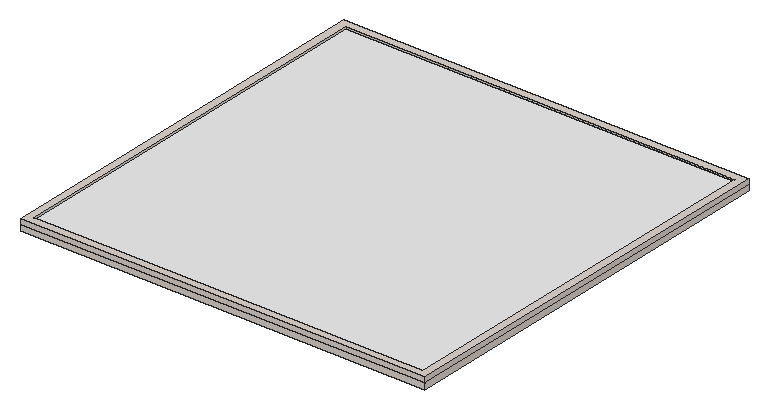
Revit family "SKY LED FLAT PANEL", category Lighting Fixtures, host Face, Revit 2020 (continued)
Types (13): name | Wattage | WATTS | built-in parameter 1150134 | Replaces/Equiv.(MH) | Photometric Web File | Order number | built-in parameter 1150142 | Model | built-in parameter 1150105 | Lumens | built-in parameter 1150107 | built-in parameter 1150106 | Fixture Width | Fixture Length | Default Elevation | Apparent Load
  SFLP24D3840 | 24.9088 W | 38 W | 12 | "2 x 32W FL" | "SFLP24D3840.IES" | "14221K" | "IESNA:LM-63-2002\r\n[TEST] \r\n[TESTLAB] EVERFINE\r\n[TESTDATE] 2018-08-07\r\n[ISSUEDATE] 2019-05-15 15:13:05\r\n[NEARFIELD] \r\n[LAMPPOSITION] 0,0\r\n[OTHER] EVERFINE GO-2000B_V1 SYSTEM\r\n[MANUFAC] Above All Lighting\r\n[LUMINAIRE] FLB 2002/1000WHQI\r\n[LAMP] 11807-SFLP24D3840\r\n[OTHER] \r\n[OTHER] Gamma(deg)    Fz(lm)      Ft(lm)     %Lum    %Lamp\r\n[OTHER]   0- 10       118.94      118.94     3.20     3.20\r\n[OTHER]  10- 20       342.69      461.63    12.43    12.43\r\n[OTHER]  20- 30       523.76      985.39    26.52    26.52\r\n[OTHER]  30- 40       636.23     1621.62    43.65    43.65\r\n[OTHER]  40- 50       663.96     2285.58    61.52    61.52\r\n[OTHER]  50- 60       603.29     2888.87    77.76    77.76\r\n[OTHER]  60- 70       462.76     3351.63    90.22    90.22\r\n[OTHER]  70- 80       270.06     3621.69    97.49    97.49\r\n[OTHER]  80- 90        77.93     3699.61    99.59    99.59\r\n[OTHER]  90-100         1.53     3701.15    99.63    99.63\r\n[OTHER] 100-110         2.09     3703.23    99.68    99.68\r\n[OTHER] 110-120         2.48     3705.71    99.75    99.75\r\n[OTHER] 120-130         2.48     3708.19    99.82    99.82\r\n[OTHER] 130-140         2.22     3710.41    99.88    99.88\r\n[OTHER] 140-150         1.87     3712.28    99.93    99.93\r\n[OTHER] 150-160         1.44     3713.72    99.97    99.97\r\n[OTHER] 160-170         0.91     3714.63    99.99    99.99\r\n[OTHER] 170-180         0.31     3714.94   100.00   100.00\r\n[OTHER] \r\nTILT=NONE\r\n1 3714.9 1 181 37 1 2 0.000 0.000 0.000\r\n1.000 1 34.9\r\n0.0    1.0    2.0    3.0    4.0    5.0    6.0    7.0    8.0    9.0    \r\n 10.0   11.0   12.0   13.0   14.0   15.0   16.0   17.0   18.0   19.0   \r\n 20.0   21.0   22.0   23.0   24.0   25.0   26.0   27.0   28.0   29.0   \r\n 30.0   31.0   32.0   33.0   34.0   35.0   36.0   37.0   38.0   39.0   \r\n 40.0   41.0   42.0   43.0   44.0   45.0   46.0   47.0   48.0   49.0   \r\n 50.0   51.0   52.0   53.0   54.0   55.0   56.0   57.0   58.0   59.0   \r\n 60.0   61.0   62.0   63.0   64.0   65.0   66.0   67.0   68.0   69.0   \r\n 70.0   71.0   72.0   73.0   74.0   75.0   76.0   77.0   78.0   79.0   \r\n 80.0   81.0   82.0   83.0   84.0   85.0   86.0   87.0   88.0   89.0   \r\n 90.0   91.0   92.0   93.0   94.0   95.0   96.0   97.0   98.0   99.0   \r\n 100.0  101.0  102.0  103.0  104.0  105.0  106.0  107.0  108.0  109.0  \r\n 110.0  111.0  112.0  113.0  114.0  115.0  116.0  117.0  118.0  119.0  \r\n 120.0  121.0  122.0  123.0  124.0  125.0  126.0  127.0  128.0  129.0  \r\n 130.0  131.0  132.0  133.0  134.0  135.0  136.0  137.0  138.0  139.0  \r\n 140.0  141.0  142.0  143.0  144.0  145.0  146.0  147.0  148.0  149.0  \r\n 150.0  151.0  152.0  153.0  154.0  155.0  156.0  157.0  158.0  159.0  \r\n 160.0  161.0  162.0  163.0  164.0  165.0  166.0  167.0  168.0  169.0  \r\n 170.0  171.0  172.0  173.0  174.0  175.0  176.0  177.0  178.0  179.0  \r\n 180.0  \r\n0.0    10.0   20.0   30.0   40.0   50.0   60.0   70.0   80.0   90.0   \r\n 100.0  110.0  120.0  130.0  140.0  150.0  160.0  170.0  180.0  190.0  \r\n 200.0  210.0  220.0  230.0  240.0  250.0  260.0  270.0  280.0  290.0  \r\n 300.0  310.0  320.0  330.0  340.0  350.0  360.0  \r\n1254.92  1253.35  1252.72  1249.35  1247.31  1246.66  1243.10  1239.29  1237.19  1232.74  \r\n 1229.93  1226.33  1220.11  1217.47  1213.53  1207.99  1202.17  1195.15  1190.30  1183.69  \r\n 1176.55  1170.50  1163.31  1153.55  1145.50  1135.67  1128.26  1116.88  1106.88  1097.05  \r\n 1084.17  1073.95  1061.00  1047.86  1035.25  1021.06  1007.24  992.94   977.75   962.64   \r\n 945.25   929.95   914.34   896.98   878.74   861.86   844.32   826.22   807.31   789.33   \r\n 770.10   750.86   730.87   711.95   691.64   671.86   651.63   631.13   610.09   589.98   \r\n 568.29   547.99   526.09   505.29   483.63   461.29   439.65   418.25   396.22   373.77   \r\n 353.17   330.76   309.75   287.96   266.82   245.42   224.96   204.47   184.76   165.04   \r\n 146.31   127.59   109.32   91.84    75.08    59.35    43.97    30.38    17.15    5.29     \r\n 1.09     1.10     1.19     1.27     1.35     1.43     1.51     1.59     1.66     1.74     \r\n 1.81     1.88     1.95     2.02     2.08     2.15     2.20     2.25     2.31     2.36     \r\n 2.41     2.45     2.49     2.53     2.56     2.60     2.63     2.65     2.68     2.71     \r\n 2.73     2.74     2.77     2.78     2.79     2.80     2.81     2.83     2.83     2.84     \r\n 2.84     2.84     2.84     2.84     2.84     2.84     2.84     2.84     2.84     2.84     \r\n 2.84     2.84     2.85     2.84     2.83     2.82     2.81     2.80     2.79     2.79     \r\n 2.79     2.79     2.79     2.79     2.79     2.79     2.80     2.81     2.81     2.83     \r\n 2.84     2.85     2.87     2.89     2.91     2.93     2.95     2.97     2.99     3.01     \r\n 3.03     3.04     3.05     3.07     3.08     3.09     3.11     3.12     3.14     3.14     \r\n 3.15     \r\n1254.92  1253.32  1252.22  1250.28  1249.47  1246.99  1243.86  1241.47  1237.24  1234.37  \r\n 1231.92  1227.66  1223.35  1218.78  1214.63  1209.75  1203.45  1196.05  1190.34  1183.75  \r\n 1177.39  1170.82  1164.03  1156.09  1146.54  1138.04  1127.03  1117.62  1107.55  1095.17  \r\n 1084.47  1073.51  1059.87  1046.34  1033.12  1019.48  1003.50  989.04   973.89   957.66   \r\n 941.63   925.15   909.40   891.89   874.01   857.35   839.18   820.59   802.64   783.10   \r\n 764.22   746.05   725.25   707.68   687.23   667.56   646.98   625.88   605.20   585.64   \r\n 563.57   542.67   520.80   500.20   477.93   456.58   435.08   413.75   391.91   370.23   \r\n 348.31   326.47   305.02   283.75   262.42   241.68   221.14   200.56   180.93   161.24   \r\n 142.40   123.60   105.75   88.38    72.35    56.33    41.50    27.62    14.83    3.91     \r\n 1.14     1.15     1.22     1.29     1.37     1.44     1.52     1.59     1.66     1.73     \r\n 1.81     1.88     1.94     2.02     2.08     2.14     2.19     2.25     2.30     2.35     \r\n 2.39     2.43     2.48     2.51     2.54     2.57     2.60     2.63     2.65     2.67     \r\n 2.69     2.70     2.71     2.72     2.73     2.74     2.74     2.75     2.75     2.75     \r\n 2.76     2.76     2.76     2.76     2.76     2.76     2.77     2.77     2.78     2.78     \r\n 2.78     2.79     2.79     2.78     2.77     2.77     2.76     2.76     2.76     2.77     \r\n 2.76     2.76     2.76     2.77     2.77     2.78     2.79     2.80     2.81     2.82     \r\n 2.83     2.85     2.87     2.89     2.91     2.93     2.95     2.96     2.98     3.00     \r\n 3.01     3.03     3.04     3.06     3.08     3.09     3.10     3.12     3.12     3.13     \r\n 3.15     \r\n1254.92  1254.57  1252.54  1253.42  1251.31  1248.64  1245.91  1241.28  1239.85  1236.67  \r\n 1232.84  1228.79  1223.70  1219.57  1215.13  1209.31  1203.54  1197.84  1193.43  1186.80  \r\n 1177.87  1171.45  1163.58  1155.57  1146.74  1137.81  1128.38  1117.23  1106.97  1097.08  \r\n 1086.38  1072.98  1060.21  1047.10  1033.57  1019.78  1005.24  990.30   974.73   958.92   \r\n 943.68   926.13   910.47   892.50   876.73   858.15   839.81   821.72   803.78   785.55   \r\n 765.82   748.47   728.34   708.79   689.59   669.30   648.50   627.84   606.91   586.43   \r\n 565.73   544.46   522.57   501.45   479.98   458.45   437.02   414.48   393.29   371.65   \r\n 350.04   327.71   306.76   285.46   264.35   243.14   222.60   202.13   182.60   162.97   \r\n 144.26   125.56   107.32   90.18    73.05    57.50    42.14    28.28    15.18    4.42     \r\n 1.10     1.15     1.22     1.29     1.36     1.44     1.51     1.57     1.64     1.71     \r\n 1.78     1.85     1.91     1.98     2.05     2.10     2.16     2.21     2.27     2.31     \r\n 2.36     2.40     2.44     2.47     2.51     2.54     2.57     2.59     2.62     2.63     \r\n 2.65     2.67     2.68     2.69     2.70     2.71     2.72     2.72     2.72     2.72     \r\n 2.73     2.73     2.73     2.72     2.72     2.72     2.72     2.73     2.73     2.73     \r\n 2.73     2.73     2.72     2.72     2.71     2.71     2.71     2.71     2.71     2.71     \r\n 2.71     2.72     2.72     2.73     2.73     2.75     2.76     2.77     2.78     2.79     \r\n 2.81     2.83     2.84     2.86     2.88     2.89     2.91     2.93     2.95     2.96     \r\n 2.98     3.00     3.00     3.02     3.03     3.04     3.05     3.07     3.09     3.09     \r\n 3.15     \r\n1254.92  1252.41  1252.63  1250.75  1248.51  1247.68  1245.39  1242.58  1238.52  1234.27  \r\n 1232.34  1226.81  1222.98  1218.30  1211.86  1206.40  1201.91  1195.69  1188.73  1183.08  \r\n 1173.84  1167.00  1159.22  1150.74  1140.40  1133.07  1123.04  1112.52  1101.51  1091.24  \r\n 1078.76  1066.40  1053.59  1039.66  1026.87  1012.58  997.37   982.42   967.07   952.38   \r\n 935.36   919.66   902.64   885.89   868.61   851.83   833.59   815.37   798.04   778.69   \r\n 760.47   741.10   721.72   702.08   682.01   662.15   642.23   622.81   601.40   581.02   \r\n 559.35   538.44   517.96   496.29   474.64   453.37   431.46   409.91   387.92   366.78   \r\n 345.01   323.56   302.07   280.86   260.13   239.49   219.16   198.73   179.25   159.71   \r\n 141.07   122.39   104.62   87.38    71.36    55.36    40.44    26.39    13.44    3.25     \r\n 1.16     1.16     1.23     1.29     1.36     1.44     1.51     1.56     1.63     1.69     \r\n 1.76     1.83     1.90     1.97     2.02     2.09     2.15     2.20     2.26     2.30     \r\n 2.35     2.39     2.43     2.47     2.51     2.54     2.57     2.59     2.61     2.63     \r\n 2.65     2.66     2.68     2.68     2.70     2.70     2.71     2.71     2.71     2.71     \r\n 2.71     2.71     2.70     2.70     2.70     2.69     2.69     2.68     2.68     2.68     \r\n 2.67     2.67     2.67     2.66     2.66     2.66     2.67     2.68     2.69     2.69     \r\n 2.70     2.70     2.71     2.71     2.72     2.74     2.75     2.76     2.78     2.80     \r\n 2.81     2.83     2.84     2.86     2.88     2.89     2.90     2.93     2.94     2.96     \r\n 2.97     2.99     3.01     3.02     3.04     3.06     3.07     3.10     3.12     3.14     \r\n 3.15     \r\n1254.92  1254.76  1254.63  1253.08  1252.58  1250.24  1247.55  1244.35  1241.36  1237.41  \r\n 1235.14  1229.11  1225.98  1219.36  1215.44  1209.41  1203.81  1195.83  1188.88  1182.68  \r\n 1174.48  1166.30  1158.85  1149.14  1142.23  1130.21  1121.44  1111.54  1101.73  1089.87  \r\n 1077.39  1065.73  1052.91  1039.93  1025.00  1013.10  997.71   984.01   967.34   951.54   \r\n 937.04   920.38   903.13   887.66   870.67   853.11   836.55   817.40   798.85   781.03   \r\n 762.51   742.49   724.10   705.00   685.19   665.23   644.84   624.63   604.14   583.10   \r\n 561.45   540.80   519.55   498.41   476.85   455.35   433.28   412.66   391.00   368.95   \r\n 347.93   325.61   305.04   283.95   262.60   241.57   221.64   201.52   181.65   162.44   \r\n 143.87   125.31   107.12   89.91    73.07    57.41    42.12    28.02    14.46    4.22     \r\n 1.17     1.13     1.20     1.26     1.33     1.41     1.48     1.53     1.60     1.67     \r\n 1.73     1.80     1.86     1.93     1.99     2.05     2.11     2.17     2.23     2.29     \r\n 2.34     2.39     2.43     2.46     2.50     2.54     2.57     2.60     2.62     2.64     \r\n 2.66     2.67     2.69     2.70     2.71     2.71     2.71     2.71     2.71     2.71     \r\n 2.71     2.71     2.70     2.70     2.69     2.68     2.68     2.67     2.67     2.66     \r\n 2.65     2.65     2.64     2.64     2.63     2.64     2.64     2.66     2.68     2.69     \r\n 2.70     2.71     2.73     2.74     2.76     2.78     2.79     2.81     2.83     2.84     \r\n 2.85     2.87     2.88     2.89     2.91     2.92     2.94     2.95     2.96     2.97     \r\n 2.99     3.00     3.03     3.06     3.09     3.11     3.13     3.16     3.18     3.20     \r\n 3.15     \r\n1254.92  1255.11  1253.57  1251.98  1250.82  1249.85  1247.35  1244.32  1241.50  1236.72  \r\n 1232.75  1229.50  1223.69  1220.22  1213.77  1207.85  1202.17  1196.07  1189.52  1182.44  \r\n 1173.59  1164.06  1158.15  1147.90  1139.24  1129.99  1119.64  1108.59  1097.21  1085.79  \r\n 1074.56  1062.09  1049.43  1035.72  1021.89  1008.47  993.67   979.60   964.12   948.54   \r\n 932.80   916.91   900.72   883.54   867.05   848.26   831.69   813.07   795.06   777.38   \r\n 758.07   740.03   719.39   700.63   681.00   661.53   640.80   620.83   600.19   580.44   \r\n 558.77   538.00   516.49   495.05   473.53   452.99   430.55   409.62   387.69   366.12   \r\n 344.63   323.65   301.94   281.06   260.13   239.83   219.52   199.10   179.67   160.49   \r\n 141.78   123.23   105.69   88.40    71.74    56.48    41.38    26.78    13.43    3.05     \r\n 1.18     1.12     1.18     1.25     1.33     1.39     1.45     1.52     1.59     1.65     \r\n 1.71     1.78     1.84     1.91     1.97     2.03     2.10     2.16     2.22     2.28     \r\n 2.33     2.39     2.44     2.49     2.53     2.56     2.59     2.62     2.65     2.67     \r\n 2.69     2.71     2.72     2.73     2.74     2.74     2.75     2.75     2.75     2.75     \r\n 2.75     2.74     2.74     2.73     2.73     2.72     2.71     2.70     2.69     2.68     \r\n 2.68     2.67     2.66     2.65     2.65     2.65     2.67     2.69     2.72     2.73     \r\n 2.74     2.76     2.78     2.80     2.81     2.83     2.85     2.86     2.87     2.89     \r\n 2.91     2.93     2.94     2.96     2.97     2.98     3.00     3.02     3.04     3.07     \r\n 3.09     3.12     3.14     3.17     3.19     3.22     3.24     3.26     3.28     3.29     \r\n 3.15     \r\n1254.92  1254.38  1254.30  1251.61  1252.74  1249.04  1248.21  1245.48  1240.70  1238.91  \r\n 1235.31  1228.86  1225.39  1220.24  1214.42  1208.11  1203.51  1196.28  1189.24  1181.61  \r\n 1174.14  1164.74  1155.90  1147.17  1137.92  1127.98  1116.67  1106.79  1095.65  1084.03  \r\n 1072.41  1060.34  1046.68  1034.38  1019.22  1006.94  992.41   978.26   962.68   947.02   \r\n 932.11   914.90   899.18   882.17   865.52   849.20   831.21   812.69   794.73   775.77   \r\n 758.33   738.59   720.48   701.26   681.40   661.61   641.33   620.76   600.97   579.89   \r\n 558.81   538.18   517.48   496.43   474.92   453.63   432.04   410.78   389.44   367.87   \r\n 347.02   325.25   304.33   283.51   262.75   242.09   222.07   201.88   182.30   163.39   \r\n 144.92   126.46   108.62   91.62    74.78    59.05    43.64    29.06    15.11    4.01     \r\n 1.15     1.10     1.15     1.22     1.29     1.35     1.41     1.49     1.55     1.62     \r\n 1.68     1.75     1.82     1.88     1.94     2.00     2.06     2.13     2.19     2.25     \r\n 2.31     2.37     2.42     2.48     2.53     2.58     2.61     2.65     2.68     2.70     \r\n 2.72     2.74     2.76     2.77     2.78     2.79     2.79     2.79     2.79     2.79     \r\n 2.79     2.79     2.78     2.78     2.77     2.76     2.76     2.75     2.74     2.73     \r\n 2.72     2.72     2.71     2.71     2.71     2.72     2.73     2.76     2.79     2.80     \r\n 2.81     2.82     2.83     2.85     2.87     2.89     2.91     2.94     2.96     2.98     \r\n 3.00     3.02     3.04     3.06     3.08     3.11     3.13     3.17     3.19     3.22     \r\n 3.24     3.27     3.29     3.32     3.35     3.37     3.39     3.40     3.42     3.44     \r\n 3.15     \r\n1254.92  1255.11  1256.52  1254.68  1251.48  1250.75  1248.81  1246.24  1242.51  1238.98  \r\n 1235.01  1230.80  1225.39  1220.49  1215.15  1208.97  1204.00  1195.22  1187.42  1181.44  \r\n 1172.63  1164.52  1155.44  1146.66  1135.72  1125.82  1116.23  1104.73  1094.06  1080.67  \r\n 1069.40  1057.57  1043.20  1031.47  1018.30  1003.71  988.95   974.58   959.97   944.39   \r\n 928.89   913.18   896.32   879.63   862.38   845.49   827.31   809.69   792.17   773.14   \r\n 754.18   736.34   717.44   697.92   678.24   658.32   638.89   618.72   597.90   578.23   \r\n 556.51   536.06   515.66   494.54   473.28   451.75   429.84   408.45   387.35   366.25   \r\n 344.84   323.79   302.69   281.70   261.13   240.87   220.70   200.67   181.19   162.31   \r\n 143.74   125.33   107.90   90.62    74.34    58.73    43.51    28.74    14.72    3.33     \r\n 1.15     1.07     1.12     1.20     1.27     1.34     1.41     1.48     1.55     1.62     \r\n 1.69     1.75     1.8
